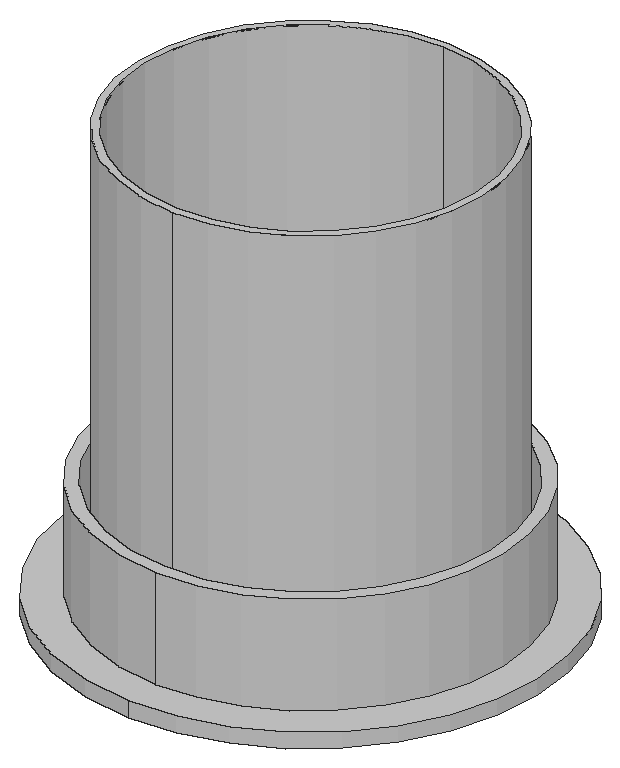
Revit family "TWR_Ceiling_Based_v_1.01", category Windows, host Ceiling, Revit 2012
Parameters (values of type "Flex 125R")
  g-value = ""
  Youtube clip = ""
  Window Area = 0
  Weight Net (kg) = ""
  Warranty Years = ""
  Uniclass 2.0 Description = "Roof Window Units"
  Uniclass 2.0 Code = "PR-59-72"
  Uniclass 1.4 Description = "Rooflights/Roof windows"
  Uniclass 1.4 Code = "JL11"
  URL = "http://velux.bimobject.com/twr"
  UNSPC code = 301516
  UNSPC Category = "Roofing accessories"
  ThermalTransmittance - Glazing = ""
  ThermalTransmittance = ""
  Thermal bridge(glazing) = 0
  Thermal bridge = ""
  Thermal Transmittance(frame) = 0
  Technical description = ""
  Sound Insulation db = 0
  Product identifier = ""
  Product group = "TWR"
  Product family = "Sun tunnel"
  Product data url = "http://www.velux.co.uk/private/products/sun_tunnel/rigid_sun_tunnel"
  Product certification = ""
  Product SKU = "twr"
  Perimeter Window = 0
  Perimeter Glazing = 0
  Operation Mode = ""
  Name of the object = "Velux sun tunnel TWR"
  NBS Reference Description = "Roof Window Units"
  NBS Reference = "59-72"
  Model = "Velux sun tunnel TWR"
  Max Height = "6 meters"
  Material secondary = Acrylic, frosted
  Material main = Aluminum, Anodized Silver
  Manufacturer country = "Denmark"
  Manufacturer URL = "www.velux.com"
  Manufacturer = "VELUX A/S"  # constant formula
  Light transmittance = ""
  Installation instructions = "http://www.velux.co.uk/en-GB/PublishingImages/PDFs/TWR_TLR%20451979-2012-02%5B1%5D.pdf"
  IFC Classification = "Window"
  GlazingAreaFraction = ""
  Function = ""
  Frame Radius = Ceiling Opening Radius - 30 mm  # 120 mm
  Frame Area = 0
  Flex Radius = 125 mm
  Flex Inner Radius = Flex Radius - 5 mm  # 120 mm
  Flex Height [instance] = 300 mm
  Emergency Exit = yes
  Edition number = "1"
  EAN code = ""
  Design country = "Denmark"
  Date of publishing = "6/4/2013"
  Copyright = "VELUX A/S"  # constant formula
  Ceiling Opening Radius = Ceiling Opening Diameter / 2  # 150 mm
  Ceiling Opening Diameter = 300 mm
  Ceiling Frame Outer Radius = Ceiling Frame Outer Diameter / 2  # 165 mm
  Ceiling Frame Outer Diameter = 330 mm
  Ceiling Frame Inner Radius = Ceiling Frame Inner Diameter / 2  # 118 mm
  Ceiling Frame Inner Diameter = 236 mm
  COBIe Type Category = ""
  BIMobject QR code url = "http://velux.bimobject.com/twr"
  BIMobject Category = "Roof Window"
  Assembly Code = "B3020110"
  Allowed Roof Slope = ""
Types (2, lengths in mm): name | Material secondary | Frame Radius | Flex Radius | Flex Inner Radius | Ceiling Opening Radius | Ceiling Opening Diameter | Ceiling Frame Outer Radius | Ceiling Frame Outer Diameter | Ceiling Frame Inner Radius | Ceiling Frame Inner Diameter
  Flex 175R | Glass 73Q + ISD 0000 | 170 | 175 | 170 | 200 | 400 | 215 | 430 | 168 | 336
  Flex 125R | Acrylic, frosted | 120 | 125 | 120 | 150 | 300 | 165 | 330 | 118 | 236
Reference planes
  plane 1 "Center (Front/Back)": y = 0
  plane 2: z = 0
  plane 3 "Center (Left/Right)": x = 0
  plane 4 "Ceiling": z = 4000
  plane 5: y = 150
  plane 6: y = -150
  plane 7: x = -150
  plane 8: x = 150
  plane 9: z = 4005
  plane 10: z = 3995
  plane 11: z = 4020
  plane 12: z = 4010
  plane 13: y = 120
  plane 14: y = -120
  plane 15: x = 120
  plane 16: x = -120
  plane 17: z = 4300
  plane 18: z = 4021.433
  plane 19: x = 118
  plane 20: x = 165
Forms (mm)
  Sweep 1, solid, material "Aluminum, Anodized Silver" <- "Material main"
    path origin (0, 0, 4000) x (0, 1, 0) y (-1, 0, 0)
      loop
        circle (0, 0) r 150
    profile origin (150, 0, 4000) x (1, 0, 0) y (0, 0, 1)
      loop
        line (-9.779, 72.271) -> (-18.484, 72.271) -> (-18.484, -2.745) -> (-32, -2.745) -> (-32, -10.728) -> (15, -10.728) -> (15, 0) -> (-9.779, 0) -> (-9.779, 72.271)
  Sweep 2, solid, material "Aluminum, Anodized Silver" <- "Material main"
    path origin (-3590.084, 6000, 4020) x (0, 1, 0) y (-1, 0, 0)
      loop
        circle (-6000, -3590.084) r 120
    profile origin (120, 0, 4020) x (1, 0, 0) y (0, 0, 1)
      loop
        line (11.145, -22.745) -> (11.145, -3.4) -> (0, -3.4) -> (0, -5.394) -> (9.145, -5.394) -> (9.145, -19.849) -> (10.145, -19.849) -> (10.145, -22.745) -> (11.145, -22.745)
  Extrusion 3, solid, material "Acrylic, frosted" <- "Material secondary"
    sketch origin (-3590.084, 6000, 4020) x (0, 1, 0) y (1, 0, 0)
      loop
        circle (-6000, 3590.084) r 130.145
    from 19.849 to 22.745
  Extrusion 4, solid, material "Aluminum, Anodized Silver" <- "Material main"
    sketch origin (178.598, 6000, 4021.433) x (0, 1, 0) y (1, 0, 0)
      loop
        circle (-6000, -178.598) r 125
      loop
        circle (-6000, -178.598) r 120
    from -278.567 to 0
Lines and regions (mm)
  Opening 1
    outline origin (0, 0, 4000) x (1, 0, 0) y (0, 1, 0)
      loop
        circle (0, 0) r 150
Dimensions and locks
  equal spacing: host sketch curve, plane 3 "Center (Left/Right)", host sketch curve
  equal spacing: host sketch curve, plane 1 "Center (Front/Back)", host sketch curve
  host sketch curve to host sketch curve = 4000 mm  (x2)
  plane 4 "Ceiling" to host ceiling = 0 mm
  equal spacing: plane 5, plane 1 "Center (Front/Back)", plane 6
  equal spacing: plane 7, plane 3 "Center (Left/Right)", plane 8
  "Ceiling Opening Diameter": plane 7 to plane 8
  "Ceiling Opening Diameter": plane 5 to plane 6
  plane 10 to plane 4 "Ceiling" to plane 9 = 5 mm locked, 5 mm locked
  plane 4 "Ceiling" to plane 11 = 20 mm
  equal spacing: plane 4 "Ceiling", plane 12, plane 11
  locked: plane 14 to plane 6 at 30
  locked: plane 5 to plane 13 at 30
  locked: plane 7 to plane 16 at 30
  locked: plane 15 to plane 8 at 30
  "Flex Height": plane 4 "Ceiling" to plane 17
  locked: plane 4 "Ceiling" to plane 18 at 21.433
  "Ceiling Frame Inner Radius": plane 19 to plane 3 "Center (Left/Right)"
  "Ceiling Frame Outer Radius": plane 20 to plane 3 "Center (Left/Right)"
  "Ceiling Frame Inner Radius": plane 3 "Center (Left/Right)" to plane 19
  "Ceiling Frame Outer Radius": plane 3 "Center (Left/Right)" to plane 20
  locked: Sweep 1 sketch curve to plane 19 at 13.516
  locked: plane 20 to Sweep 1 sketch curve at 24.779
  locked: profile plane to Sweep 1 sketch curve at 10.728
  locked: profile plane to Sweep 1 sketch curve at 2.745
  "Flex Radius": radius of Extrusion 4 sketch curve
  "Flex Inner Radius": radius of Extrusion 4 sketch curve
  "Ceiling Opening Radius": radius of Sweep 1 sketch curve
  "Ceiling Opening Radius": radius of Opening 1 sketch curve
  "Frame Radius": radius of Sweep 2 sketch curve
  aligned and locked: profile plane to Sweep 1 sketch curve
  aligned and locked: Extrusion 4 to plane 17
  aligned: Sweep 1 to Extrusion 4
  aligned: Extrusion 4 to Sweep 1
  aligned and locked: plane 1 "Center (Front/Back)" to Extrusion 4 sketch curve
  aligned and locked: plane 3 "Center (Left/Right)" to Extrusion 4 sketch curve
  aligned and locked: plane 18 to Extrusion 4
  aligned and locked: plane 3 "Center (Left/Right)" to Sweep 1 sketch curve
  aligned and locked: plane 1 "Center (Front/Back)" to Sweep 1 sketch curve
  aligned and locked: Sweep 1 sketch curve to plane 19
  aligned and locked: Sweep 1 sketch curve to plane 20
  aligned and locked: plane 1 "Center (Front/Back)" to Opening 1 sketch curve
  aligned and locked: plane 3 "Center (Left/Right)" to Opening 1 sketch curve
  aligned and locked: plane 1 "Center (Front/Back)" to Sweep 2 sketch curve
  aligned and locked: plane 3 "Center (Left/Right)" to Sweep 2 sketch curve
  aligned and locked: Extrusion 3 sketch curve to Sweep 2  (x2)
Automatic sketch dimensions
  Sweep 2 sketch curve to profile plane = 0 mm
  Sweep 2 sketch curve to Sweep 2 sketch curve = 9.145 mm
  Sweep 2 sketch curve to Sweep 2 sketch curve = 1 mm  (x2)
  Sweep 2 sketch curve to Sweep 2 sketch curve = 2.896 mm
  plane 11 to Sweep 2 sketch curve = 3.4 mm
  Sweep 2 sketch curve to Sweep 2 sketch curve = 14.455 mm
  Sweep 2 sketch curve to Sweep 2 sketch curve = 1.994 mm
  Extrusion 4 sketch curve to Extrusion 4 sketch curve = 0 mm  (x2)
  Sweep 1 sketch curve to Sweep 1 sketch curve = 72.271 mm
